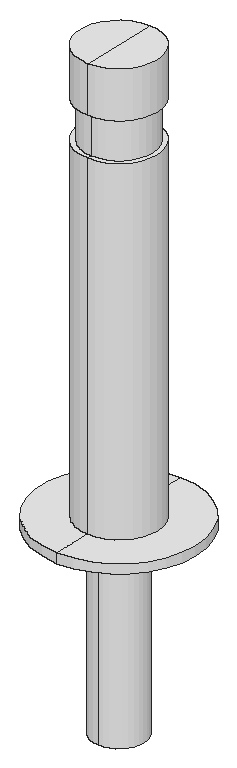
Revit family "PRD_FrankeWS_SoapDpnsrs_SoapDispenser_SD110", category Specialty Equipment, host Face, Revit 2018
Family settings
  Host = Face
  Round Connector Dimension = Use Diameter
  Part Type = Normal
  OmniClass Number = 23.40.20.21.34
  OmniClass Title = Soap Holders, Dispensers
  Cut with Voids When Loaded = No
  Shared = No
  Room Calculation Point = No
Parameters (values of type "SD110")
  WarrantyStartDate [instance] = "1900-12-31T23:59:59"
  WarrantyGuarantorParts = "n/a"
  WarrantyGuarantorLabor = "n/a"
  WarrantyDurationUnit = "year"
  WarrantyDurationParts = "n/a"
  WarrantyDurationLabor = "n/a"
  WarrantyDescription = "n/a"
  Version = "1"
  Uniclass2015Version = "Products v1.5"
  Uniclass2015Title = "Soap dispensers"
  Uniclass2015Code = "Pr_40_70_22_81"
  URL = "www.kwc.com"
  TypeOfSoapContainer = "n/a"
  TypeOfConsumable = "Liquid soap"
  TagNumber [instance] = "n/a"
  SustainabilityPerformance = "n/a"
  Style = "Soap dispenser"
  SoapDispenserMaterial = PRD_AR_ChromatedBrass_HighPolished
  Size = "50 x 50 x 634 mm"
  Shape = "Cylindrical"
  SerialNumber [instance] = "n/a"
  Revision = "n/a"
  ReplacementCost = "n/a"
  ProductInformation = "https://pim.kwc.com/product/2000102699/attachment/datasheet?locale=en"
  Operation = "Manual"
  NominalWidth = 50.00 mm
  NominalLength = 50.00 mm
  NominalHeight = 50.00 mm
  NominalDepth = 634.00 mm
  NetWeight = 0.00 kg
  Name = "Soap dispenser SD110"
  NBSTypeID = "n/a"
  NBSReference = "45-35-72/358"
  NBSOfficeMasterTag = "n/a"
  NBSNote = "n/a"
  NBSDescription = "Soap dispensers"
  NBSCertification = "n/a"
  ModelReference = "SD110"
  ModelNumber = "2000102699"
  Model = ModelReference  # "SD110"
  MaterialsFinishAndColour = "High polished chromated brass"
  MaterialsBody = "Brass"
  Material = "Brass"
  ManufacturerURL = "www.kwc.com"
  ManufacturerName = "KWC Group AG"  # constant formula
  Manufacturer = ManufacturerName  # "KWC Group AG"
  MainColor = "Stainless steel"
  IntegralAccessories = "n/a"
  InstallationDate [instance] = "1900-12-31T23:59:59"
  IfcExportType = "NOTDEFINED"
  IfcExportAs = "IfcFurnitureType"
  GrossWeight = 0.00 kg
  Grade = "n/a"
  Form = "Wall mounted"
  Finish = "High polished"
  Features = "brass, chromed, counter top mounting, 50x50x634 mm (WxHxD)"
  ExpectedLife = "n/a"
  DurationUnit = "year"
  Description = "Soap dispenser for wall mounting and re-filling from Serviceroom behind the wall, high polished chromated brass, requires 18 mm drilling hole, 3/8inch. thread, spout not movable, suitable for liquid soaps and lotions, without soap tank (can be directly connected to soap can), for filling from behind the wall."
  Default Elevation = 1100.00 mm
  Constituents = "n/a"
  Color = "Chrome"
  CodePerformance = "n/a"
  Category = "Pr_40_70_22_81, Soap dispensers"
  BarCode [instance] = "n/a"
  BIMObjectName = "PRD_AR_SoapDispensers_SoapDispenser_SD110"
  Author = "Archispace"  # constant formula
  AssetType = "Fixed"
  AssetIdentifier [instance] = "n/a"
  AccessibilityPerformance = "n/a"
Reference planes
  plane 1 "Center (Front/Back)": y = 0
  plane 2: z = 0
  plane 3 "Center (Left/Right)": x = 0
Forms (mm)
  Extrusion 1, void
    sketch origin (0, 0, 0) x (1, 0, 0) y (0, 1, 0)
      loop
        circle (0, 0) r 9
    from 0 to -60
  Revolve 2, solid, material "PRD_AR_ChromatedBrass_HighPolished" <- "SoapDispenserMaterial", detail levels fine
    sketch origin (0, 0, 0) x (0, 1, 0) y (0, 0, 1)
      loop
        line (25, 0) -> (25, 3) -> (12.5, 3) -> (12.5, 112) -> (11, 112) -> (11, 124.5) -> (12.5, 124.5) -> (12.5, 139.5) -> (0, 139.5) -> (0, -60) -> (8.2, -60) -> (8.2, 0) -> (25, 0)
      axis (0, 139.5) -> (0, -60)
    angle from 0 to 360
  Revolve 3, solid, material "PRD_AR_ChromatedBrass_HighPolished" <- "SoapDispenserMaterial", detail levels coarse+medium
    sketch origin (0, 0, 0) x (0, 1, 0) y (0, 0, 1)
      loop
        line (0, 139.5) -> (0, -60) -> (8.2, -60) -> (8.2, 0) -> (12.5, 0) -> (12.5, 139.5) -> (0, 139.5)
      axis (0, -60) -> (0, 139.5)
    angle from 0 to 360
Dimensions and locks
  aligned and locked: plane 2 to host face
  aligned and locked: level to host face
